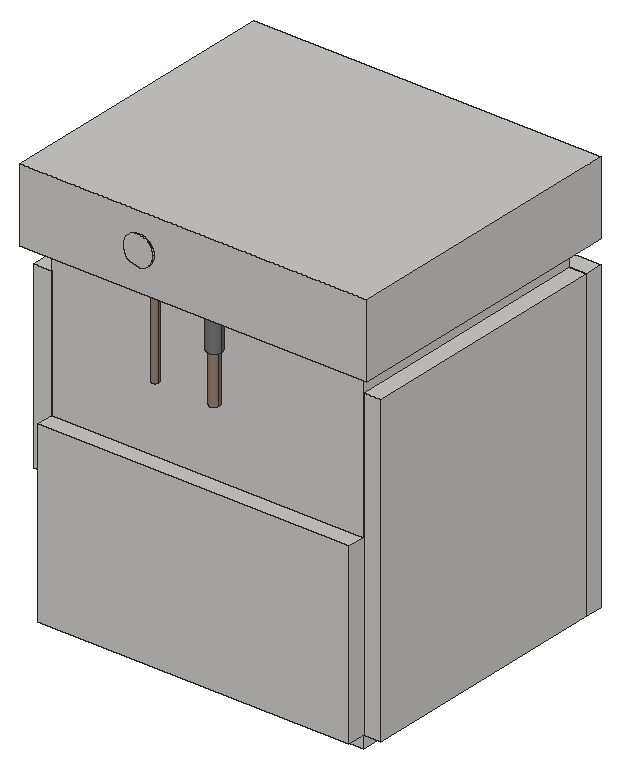
Revit family "QF_Brema_M350SPLIT_M600SPLIT_cat", category Specialty Equipment, Revit 2012
Parameters (values of type "M600SPLIT")
  Width = 588 mm
  Weight = "73 kg"
  Watts = 180 W
  Volts = 230 V
  URL Cutsheet = ""
  URL = "www.bremaice.it"
  Status [instance] = ""
  Specification by User [instance] = ""
  Specification by Manufacturer [instance] = ""
  Show Logo [instance] = yes
  Show Clearance [instance] = yes
  Serial Number = ""
  Seismic Rating = ""
  SMACNA No = ""
  Revision Code [instance] = ""
  Refrigerant Volume [instance] = 0.00 kN
  Refrigerant Type = "R404A"
  Plumbing Remarks [instance] = ""
  Plumbing Connection Type [instance] = ""
  Phase = 1
  Number of Poles [instance] = 1
  NAFEM Spec ID Number = ""
  Model = "M600SPLIT"
  Min Ckt Ampacity = 0 A
  Max Overcurrent Protection = 10 A
  Manufacturer = "BREMA"
  Item Number [instance] = ""
  Installed By [instance] = ""
  Indirect Waste Size = 1"
  Indirect Waste Radius = Indirect Waste Size / 2  # 1/2"
  Indirect Waste Flow [instance] = 0 m³/h
  Indirect Waste Connection Type [instance] = ""
  Indirect Waste Connection Height = 60 mm
  Identify Quantity as Lot [instance] = no
  Height = 705 mm
  HP = ""
  Furnished By [instance] = ""
  Foodservice Equipment Identifier [instance] = yes
  FL Amps = 0 A
  Electrical Remarks [instance] = ""
  Electric Connection Type [instance] = ""
  Elec Conn RI Height [instance] = 0 mm
  Elec Conn Connection Height = 199 mm
  Description = "AUTOMATIC ICE CUBE MAKER AIR COOLED"
  Depth = 495 mm
  Daily Production [instance] = "620,0 kg/24h T=21°C:15°C"
  Cycle = 50 Hz
  Conn Plug = ""
  Conn Conduit = yes
  Cold Water Temperature Recommended [instance] = 35 °C
  Cold Water Size Radius = Cold Water Size / 2  # 3/8"
  Cold Water Size = 3/4"
  Cold Water RI Height [instance] = 0 mm
  Cold Water Minimum Pressure = 1.0 bar
  Cold Water Maximum Pressure = 6.0 bar
  Cold Water Flow [instance] = 0 m³/h
  Cold Water Consumption [instance] = "1 l/kg"
  Cold Water Connection Height = 115 mm
  CSI MasterFormat = ""
  BTUH = 0 W
  Assembly Code = "E1090320"
  Apparent Power = 180 VA
Types (3, lengths in mm): name | Weight | Model | Daily Production
  (no name) | "73 kg" | "M600SPLIT" | "620,0 kg/24h T=21°C:15°C"
  M300SPLIT | "66 kg" | "M300SPLIT" | "400,0 kg/24h T=21°C:15°C"
  M600SPLIT | "73 kg" | "M600SPLIT" | "620,0 kg/24h T=21°C:15°C"
Reference planes
  plane 1 "BACK": y = 0
  plane 2: z = 0
  plane 3 "LEFT": x = 0
  plane 4 "RIGHT": x = 588
  plane 5 "FRONT": y = -495
  plane 6 "TOP": z = 705
Forms (mm)
  Extrusion 1, solid
    sketch origin (30, -453, 116) x (0, -1, 0) y (0, 0, 1)
      loop
        circle (-76, 83) r 4
    from 4 to 20
  Extrusion 2, solid
    sketch origin (30, -453, 154) x (0, -1, 0) y (0, 0, 1)
      loop
        circle (-76, 45) r 15
    from 0 to 4
  Extrusion 3, solid
    sketch origin (30, -72, 88.5) x (0, -1, 0) y (0, 0, -1)
      loop
        circle (305, -26.5) r 10
    from 0 to -20
  Extrusion 4, solid, visible <- "Show Clearance", detail levels coarse
    sketch origin (0, 0, 0) x (1, 0, 0) y (0, 1, 0)
      loop
        line (0, 50) -> (0, 0) -> (588, 0) -> (588, 50) -> (0, 50)
    from 0 to 705
  Extrusion 5, solid
    sketch origin (30, -122, 33.5) x (0, -1, 0) y (0, 0, -1)
      loop
        circle (305, -26.5) r 12.7
    from 0 to -20
  Extrusion 6, solid
    sketch origin (0, 0, 90) x (0, 1, 0) y (0, 0, 1)
      loop
        line (0, 615) -> (-495, 615) -> (-495, 490) -> (0, 490) -> (0, 615)
    from 0 to 588
  Extrusion 7, solid
    sketch origin (0, 0, 0) x (0, 1, 0) y (0, 0, 1)
      loop
        line (-465, 540) -> (-465, 230) -> (-335, 230) -> (-335, 20) -> (-30, 20) -> (-30, 540) -> (-465, 540)
    from 0 to 30
  Extrusion 8, solid
    sketch origin (588, 0, 0) x (0, 1, 0) y (0, 0, 1)
      loop
        line (-30, 540) -> (-465, 540) -> (-465, 20) -> (-30, 20) -> (-30, 540)
    from 0 to -30
  Extrusion 9, solid
    sketch origin (0, 0, 0) x (1, 0, 0) y (0, 1, 0)
      loop
        line (30, -30) -> (30, -465) -> (558, -465) -> (558, -30) -> (30, -30)
    from 0 to 20
  Extrusion 10, solid
    sketch origin (0, -495, 0) x (1, 0, 0) y (0, 0, 1)
      loop
        line (30, 320) -> (30, 20) -> (558, 20) -> (558, 320) -> (30, 320)
    from 0 to -30
  Extrusion 11, solid
    sketch origin (588, 0, 0) x (0, 1, 0) y (0, 0, 1)
      loop
        line (0, 540) -> (-30, 540) -> (-30, 20) -> (0, 20) -> (0, 540)
    from 0 to -588
  Extrusion 12, solid
    sketch origin (588, -30, 0) x (0, 1, 0) y (0, 0, 1)
      loop
        line (0, 580) -> (-435, 580) -> (-435, 0) -> (0, 0) -> (0, 580)
    from -30 to -558
  Extrusion 13, solid
    sketch origin (-1010, 1114, 550) x (-1, 0, 0) y (0, -1, 0)
      loop
        circle (-1327.334, 1594) r 12
    from -22.85 to 30
  Extrusion 14, solid
    sketch origin (-10, 109, 510) x (-1, 0, 0) y (0, -1, 0)
      loop
        circle (-327.334, 589) r 8
    from -65.701 to 70
  Extrusion 15, solid
    sketch origin (-110, 109, 510) x (-1, 0, 0) y (0, -1, 0)
      loop
        circle (-327.334, 589) r 6
    from -65.701 to 70
  Extrusion 16, solid
    sketch origin (-1090, -495, -240) x (1, 0, 0) y (0, 0, 1)
      loop
        circle (1291.809, 884.757) r 25
    from 0 to 2
Lines and regions (mm)
  symbolic lines, style "QF_Clearances", visible <- "Show Clearance", detail levels coarse
    curve 1: line (0, 50, 0) -> (588, 50, 0)
  symbolic lines, style "200-EquipBorder-2D"
    curve 2: line (0, 0, 5) -> (588, 0, 5)
    curve 3: line (0, -495, 5) -> (0, 0, 5)
    curve 4: line (588, -495, 5) -> (0, -495, 5)
    curve 5: line (588, 0, 5) -> (588, -495, 5)
Dimensions and locks
  plane 4 "RIGHT" to plane 3 "LEFT" = 588 mm
  plane 5 "FRONT" to plane 1 "BACK" = 495 mm
  plane 6 "TOP" to plane 2 = 705 mm
  plane 6 "TOP" to level = 705 mm
  aligned and locked: level to plane 2
  aligned and locked: plane 4 "RIGHT" to Extrusion 4
  aligned and locked: plane 6 "TOP" to Extrusion 4
  aligned and locked: plane 4 "RIGHT" to curve 1
  aligned and locked: plane 4 "RIGHT" to Extrusion 6
Connectors
  electrical at (10, -377, 199), driven by "Number of Poles", driven by "Volts", driven by "Apparent Power"
    settings: on Extrusion 1, index 1, voltage 230 V, apparent load 180 VA, apparent load phase1 0 VA, apparent load phase2 0 VA, apparent load phase3 0 VA, power factor 1, load classification "Other", number of poles 1, system type 30, power factor state 1, is connector primary yes, connector utility no, sub classification motor no, connector description "Electrical connection"
  piping at (10, -377, 115), driven by "Cold Water Flow", driven by "Cold Water Size Radius"
    settings: on Extrusion 3, index 3, connector radius 3/8", flow factor 0, pipe flow 0 m³/h, pressure drop 0.0 bar, fitting loss kfactor 0, connector angle 0.00°, fixture units 0, engagement length 0 mm, flow configuration 1, flow direction 1, fitting loss method 0, system type 20, joint type 0, gender type 0, connector reference index -1, connector utility 0, adjustable connector no, is connector primary yes, fitting loss table "", connector description "Cold water inlet"
  piping at (10, -427, 60), driven by "Indirect Waste Flow", driven by "Indirect Waste Radius"
    settings: on Extrusion 5, index 6, connector radius 1/2", flow factor 0, pipe flow 0 m³/h, pressure drop 0.0 bar, fitting loss kfactor 0, connector angle 0.00°, fixture units 0, engagement length 0 mm, flow configuration 1, flow direction 2, fitting loss method 0, system type 16, joint type 0, gender type 0, connector reference index -1, connector utility 0, adjustable connector no, is connector primary no, fitting loss table "", connector description "Water drain"
